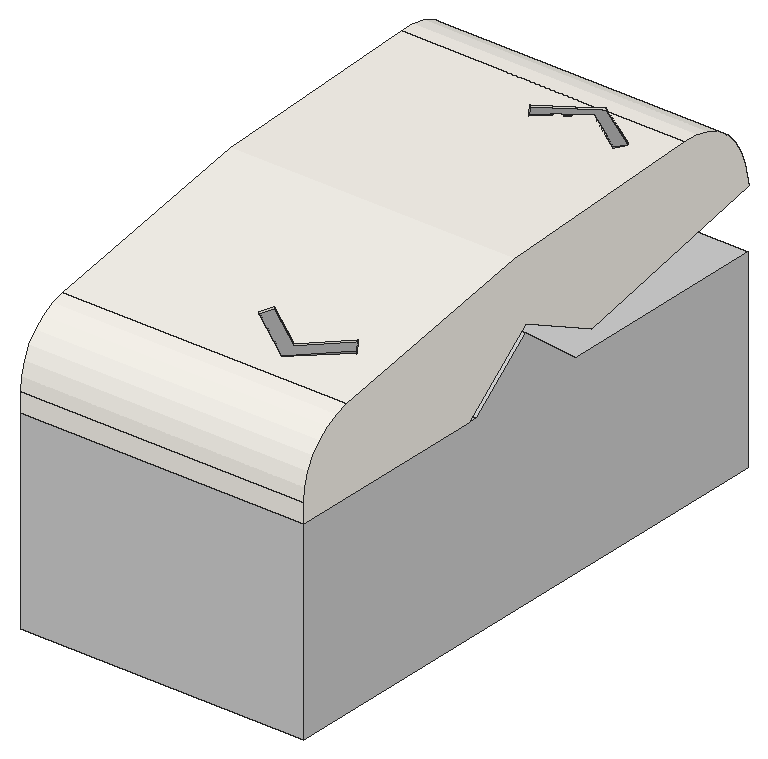
Revit family "Domotics-DomesticRanges-GEWISS-CHORUS_COMMAND-THREE-WAY_SWITCH_1M", category Apparecchi elettrici, host Superficie, Revit 2016
Family settings
  Host = Superficie
  Mantenere orientamento annotazione = Sì
  Tipo di parte = Normale
  Quota connettore circolare = Usa diametro
  Numero OmniClass = 23.80.50.11.14
  Titolo OmniClass = Switches
  Taglio con vuoti quando caricato = Sì
  Condiviso = Sì
  Punto di calcolo locali = No
Parameters (values of type "GW14122 - Titanium")
  Wiring terminals = "With screw"
  Voltage: = "250 V ac"
  Voltage = "250 V ac"
  Vista di pianta [instance] = yes
  Version file RFA = "19.0"
  URL = "https://www.gewiss.com/ww/en"
  Tipo_ = CHORUS COMMUTATORI 1M_BASE : GW14122 - Titanio
  Thermo-pressure with ball = "125 °C"
  Terminal tightening capacity rigid cables (mm2) = "min. 0,5 - max. 2x2,5"
  Terminal tightening capacity flexible cables (mm2) = "min. 0,75 - max. 2x4"
  Terminal grip on cable traction = "> 50 N"
  Technical sheet = "https://www.gewiss.com/ww/en/search?q=GW14122"
  Symbol = "UP - DOWN"
  Standard; = "EN 60669-1"
  Simbolo_ = SIMBOLO COMMUTATORI : COMM
  SIMBOLO [instance] = yes
  SEO = "3 way switch"
  Resistance at test voltage = "2000 V at 50 Hz for 1 minute"
  Realized by GEWISS S.p.A. = ""
  Prolonged operation (no.of position changes) = "40.000 at In 250 V ac cosØ=0,6"
  Produttore = "GEWISS S.p.A."
  Offset_bidimensionale [instance] = 2 mm  # constant formula
  Offset pulsante [instance] = 0 mm
  Number of poles = "2P"
  No. Chorus modules = "1"
  Modello = "GW14122"
  Larghezza pulsante = 23 mm
  Insulation resistance = "> 5 MOhm"
  IFC.TypeObject = ""
  IFC.ExportType = ""
  IFC.ExportAs = ""
  IDT = "3d8164bf-c18d-49cb-96c5-98ccc73e12be"
  IDF = "4b5ab15b-2fb9-49d2-be7d-6b1aac5df4cd"
  Glow Wire Test = "850°C"
  Electrocod = "0130"
  EAN code = "8011564811553"
  Distanza_x = 0 mm  # constant formula
  Distanza_effettiva_x = 1500 mm - Distanza_x  # 1500 mm
  Default Elevation = 1219.2 mm
  Immagine tipo = GW14122.jpg
  Descrizione = "3-WAY SWITCH 1M 2P 10AX SYM.UP-DOWN TI."
  Description: = "2P - 10AX"
  Colour = "Titanium"
  Category = "Three-way switch"
  Catalogue Range = "CHORUS - DOMESTIC RANGE"
  Catalogue = "DOMOTICS"
  COBie.Tagnumber = ""
  COBie.CreatedOn = ""
  COBie.CreatebBy = ""
  COBie.ComponentRegisterItemID = ""
  COBie.Component.TagNumber = ""
  COBie.Component.Space = ""
  COBie.Component.SerialNumber = ""
  COBie.Component.InstallationDate = ""
  COBie.Component.Description = ""
  COBie.Component.BarCode = ""
  Button key = "Neutral"
  Breaking capacity: = "1.25 In (200 position changes)"
Types (6, lengths in mm): name | Tipo_ | Technical sheet | Number of poles | Modello | IDT | EAN code | Immagine tipo | Descrizione | Description: | Colour
  GW12121 - Black | CHORUS COMMUTATORI 1M_BASE : GW12121 - Nero | "https://www.gewiss.com/ww/en/search?q=GW12121" | "1P" | "GW12121" | "1a952dfd-963a-479c-8ca3-5226fc848445" | "8011564267169" | GW12121.jpg | "3-WAY SWITCH, 1M 1P 10AX UP-DOWN BLACK" | "1P - 10AX" | "Black"
  GW10121 - White | CHORUS COMMUTATORI 1M_BASE : GW10121 - Bianco | "https://www.gewiss.com/ww/en/search?q=GW10121" | "1P" | "GW10121" | "48b064e4-4adf-47c5-9a5f-1d7795c44d52" | "8011564257603" | GW10121.jpg | "3-WAY SWITCH, 1M 1P 10AX UP-DOWN WHITE" | "1P - 10AX" | "White"
  GW10122 - White | CHORUS COMMUTATORI 1M_BASE : GW10122 - Bianco | "https://www.gewiss.com/ww/en/search?q=GW10122" | "2P" | "GW10122" | "2023ee90-b991-4c8d-bd6e-440d0cdb5a65" | "8011564811539" | GW10122.jpg | "3-WAY SWITCH 1M 2P 10AX SYM.UP-DOWN WH" | "2P - 10AX" | "White"
  GW14121 - Titanium | CHORUS COMMUTATORI 1M_BASE : GW14121 - Titanio | "https://www.gewiss.com/ww/en/search?q=GW14121" | "1P" | "GW14121" | "422df113-94b8-40af-b9ac-0681bab44b19" | "8011564265820" | GW14121.jpg | "3-WAY SWITCH 1M 1P 10AX UP-DOWN TITANIUM" | "1P - 10AX" | "Titanium"
  GW14122 - Titanium | CHORUS COMMUTATORI 1M_BASE : GW14122 - Titanio | "https://www.gewiss.com/ww/en/search?q=GW14122" | "2P" | "GW14122" | "3d8164bf-c18d-49cb-96c5-98ccc73e12be" | "8011564811553" | GW14122.jpg | "3-WAY SWITCH 1M 2P 10AX SYM.UP-DOWN TI." | "2P - 10AX" | "Titanium"
  GW12122 - Black | CHORUS COMMUTATORI 1M_BASE : GW12122 - Nero | "https://www.gewiss.com/ww/en/search?q=GW12122" | "2P" | "GW12122" | "d08d4164-ecb7-46fa-b275-08b0c598f5b0" | "8011564811546" | GW12122.jpg | "3-WAY SWITCH 1M 2P 10AX SYM.UP-DOWN BL." | "2P - 10AX" | "Black"
Reference planes
  plane 1 "Centro (Fronte/Retro)": y = 0
  plane 2: z = 0
  plane 3 "Centro (Sinistra/Destra)": x = 0
  plane 4: z = 0
  plane 5 "piano bidimensionale": z = 28
  plane 6: x = 0
  plane 7: x = -11.5
  plane 8: x = 11.5
  plane 9: z = 26
  plane 10: x = -1500
Lines and regions (mm)
  Masking region 1, visible <- "Vista di pianta"
    outline origin (0, 0, 0) x (1, 0, 0) y (0, 0, 1)
      loop
        line (-11.5, 26) -> (-11.5, 0) -> (11.5, 0) -> (11.5, 26) -> (-11.5, 26)
  Masking region 2, detail levels coarse
    outline origin (0, 0, 0) x (0, 1, 0) y (0, 0, 1)
      loop
        line (-22.5, 0) -> (22.5, 0) -> (22.5, 26) -> (-22.5, 26) -> (-22.5, 0)
  model lines, style "pulsanti", detail levels coarse
    curve 1: line (-11.5, 22.5, 28) -> (11.5, 22.5, 28)
    curve 2: line (-11.5, -22.5, 28) -> (-11.5, 22.5, 28)
    curve 3: line (11.5, -22.5, 28) -> (-11.5, -22.5, 28)
    curve 4: line (11.5, 22.5, 28) -> (11.5, -22.5, 28)
    curve 5: line (4.779, 16.431, 28) -> (0.828, 13.765, 28)
    curve 6: line (8.731, 13.765, 28) -> (4.779, 16.431, 28)
    curve 7: line (4.779, 15.225, 28) -> (1.387, 12.936, 28)
    curve 8: line (8.171, 12.936, 28) -> (4.779, 15.225, 28)
    curve 9: line (0.828, 13.765, 28) -> (1.387, 12.936, 28)
    curve 10: line (8.171, 12.936, 28) -> (8.731, 13.765, 28)
    curve 11: line (4.779, -16.431, 28) -> (0.828, -13.765, 28)
    curve 12: line (8.731, -13.765, 28) -> (4.779, -16.431, 28)
    curve 13: line (4.779, -15.225, 28) -> (1.387, -12.936, 28)
    curve 14: line (8.171, -12.936, 28) -> (4.779, -15.225, 28)
    curve 15: line (0.828, -13.765, 28) -> (1.387, -12.936, 28)
    curve 16: line (8.171, -12.936, 28) -> (8.731, -13.765, 28)
  model lines, style "pulsanti", not visible, detail levels coarse
    curve 17: line (-11.5, 22.5, 58) -> (11.5, 22.5, 58)
    curve 18: line (-11.5, -22.5, 58) -> (-11.5, 22.5, 58)
    curve 19: line (11.5, -22.5, 58) -> (-11.5, -22.5, 58)
    curve 20: line (11.5, 22.5, 58) -> (11.5, -22.5, 58)
    curve 21: line (4.779, 16.431, 58) -> (0.828, 13.765, 58)
    curve 22: line (8.731, 13.765, 58) -> (4.779, 16.431, 58)
    curve 23: line (4.779, 15.225, 58) -> (1.387, 12.936, 58)
    curve 24: line (8.171, 12.936, 58) -> (4.779, 15.225, 58)
    curve 25: line (0.828, 13.765, 58) -> (1.387, 12.936, 58)
    curve 26: line (8.171, 12.936, 58) -> (8.731, 13.765, 58)
    curve 27: line (4.779, -16.431, 58) -> (0.828, -13.765, 58)
    curve 28: line (8.731, -13.765, 58) -> (4.779, -16.431, 58)
    curve 29: line (4.779, -15.225, 58) -> (1.387, -12.936, 58)
    curve 30: line (8.171, -12.936, 58) -> (4.779, -15.225, 58)
    curve 31: line (0.828, -13.765, 58) -> (1.387, -12.936, 58)
    curve 32: line (8.171, -12.936, 58) -> (8.731, -13.765, 58)
Dimensions and locks
  "Offset pulsante": plane 4 to host face
  equal spacing: plane 7, plane 3 "Centro (Sinistra/Destra)", plane 8
  "Larghezza pulsante": plane 7 to plane 8
  locked: plane 9 to plane 4 at 26
  "Offset_bidimensionale": plane 5 "piano bidimensionale" to plane 9
  "Distanza_effettiva_x": plane 10 to plane 6
  plane 10 to plane 3 "Centro (Sinistra/Destra)" = 1500 mm
  aligned and locked: plane 2 to host face
  aligned and locked: level to host face
  aligned and locked: nested 1 to plane 4  (x2)
  aligned and locked: curve 2 to plane 5 "piano bidimensionale"
  aligned and locked: plane 6 to nested 2
  aligned and locked: Masking region 1 sketch curve to plane 9
  aligned and locked: plane 7 to Masking region 1 sketch curve
  aligned and locked: plane 4 to Masking region 1 sketch curve
  aligned and locked: Masking region 1 sketch curve to nested 1
  aligned and locked: Masking region 2 sketch curve to nested 1
  aligned and locked: Masking region 2 sketch curve to plane 9
  aligned and locked: Masking region 2 sketch curve to plane 4
Automatic sketch dimensions
  host sketch curve to host sketch curve = 2438.4 mm  (x2)
  plane 1 "Centro (Fronte/Retro)" to Masking region 2 sketch curve = 22.5 mm
Nested families
  nested 1: "CHORUS COMMUTATORI 1M_BASE" at (0, 0, 0), type <- "Tipo_", type "GW14122 - Titanio"
  nested 2: "SIMBOLO COMMUTATORI" at (0, 317.384, 0), type <- "Simbolo_", SIMBOLO <- "SIMBOLO", type "COMM"
    with SIMBOLO yes, Distanza dal muro 0.5 mm, BORDO ACCESO yes
Connectors
  electrical at (0, 0, 0)
    settings: on nested 1, index 1, voltage 0 V, apparent load 0 VA, apparent load phase1 0 VA, apparent load phase2 0 VA, apparent load phase3 0 VA, power factor 1, load classification "Other", number of poles 1, system type 31, power factor state 1, is connector primary yes, connector utility no, sub classification motor no, connector description ""
Definition of nested family "CHORUS COMMUTATORI 1M_BASE"
  Parameters (values of type "GW10121 - Bianco")
    Simboli su e giù = none
    Supporto = none
    Pulsante = none
    Profondità suporto = 15.673 mm
    Larghezza pulsante = 23 mm
    Bidimensionale = 36.414 mm
    Altezza pulsante = 45 mm
  Types (6): name
    GW12121 - Nero
    GW12122 - Nero
    GW14121 - Titanio
    GW14122 - Titanio
    GW10121 - Bianco
    GW10122 - Bianco
  Reference planes
    plane 1 "Centro (Fronte/Retro)": y = 0
    plane 2: z = 0
    plane 3 "Centro (Sinistra/Destra)": x = 0
    plane 4: y = -22.5
    plane 5: y = 22.5
    plane 6: x = -11.5
    plane 7: x = 11.5
    plane 8: z = 15.673
    plane 9 "PIANO BIDIMENSIONALE": z = 36.414
  Forms (mm)
    Extrusion 1, solid, material <- "Supporto", detail levels medium+fine
      sketch origin (0, 0, 0) x (0, 1, 0) y (0, 0, 1)
        loop
          line (-22.5, 0) -> (22.5, 0) -> (22.5, 15.673) -> (5, 15.673) -> (0, 19.673) -> (-5, 15.673) -> (-22.5, 15.673) -> (-22.5, 0)
      from -11.5 to 11.5
    Extrusion 2, solid, material <- "Pulsante", detail levels medium+fine
      sketch origin (0, 0, 0) x (0, 1, 0) y (0, 0, 1)
        loop
          line (-22.5, 15.673) -> (-5.8, 15.673) -> (0, 20.313) -> (6.657, 17.02) -> (22.519, 20.482) -> (22.148, 22.183)
          arc (22.148, 22.183) -> (19.948, 25.458) -> (16.125, 26.433) r 5.53
          arc (16.125, 26.433) -> (-1.159, 25.53) -> (-18.194, 22.47) r 137.99
          arc (-18.194, 22.47) -> (-21.286, 20.607) -> (-22.5, 17.207) r 5.368
          line (-22.5, 17.207) -> (-22.5, 15.673)
      from -11.5 to 11.5
    Extrusion 3, solid, material <- "Pulsante", not visible, detail levels medium+fine
      sketch origin (0, 0, 0) x (0, 1, 0) y (0, 0, 1)
        loop
          line (-22.5, 15.673) -> (-5.8, 15.673) -> (0, 20.313) -> (6.657, 17.02) -> (22.519, 20.482) -> (22.148, 22.183)
          arc (22.148, 22.183) -> (19.948, 25.458) -> (16.125, 26.433) r 5.53
          arc (16.125, 26.433) -> (-1.159, 25.53) -> (-18.194, 22.47) r 137.99
          arc (-18.194, 22.47) -> (-21.286, 20.607) -> (-22.5, 17.207) r 5.368
          line (-22.5, 17.207) -> (-22.5, 15.673)
      from -11.5 to 11.5
    Extrusion 4, void, not visible, detail levels medium+fine
      sketch origin (0, 0, 0) x (0, 1, 0) y (0, 0, 1)
        loop
          arc (-20, 19.947) -> (-16.844, 20.738) -> (-13.67, 21.455) r 135.99
          line (-13.67, 21.455) -> (-13.67, 23.499)
          arc (-13.67, 23.499) -> (-15.936, 23.003) -> (-18.194, 22.47) r 137.99
          arc (-18.194, 22.47) -> (-19.13, 22.19) -> (-20, 21.745) r 5.368
          line (-20, 21.745) -> (-20, 19.947)
      from 3.779 to 10.113
    Extrusion 5, solid, material <- "Pulsante", not visible, detail levels medium+fine
      sketch origin (0, -125, 0) x (0, 1, 0) y (0, 0, 1)
        loop
          line (-22.5, 15.673) -> (-5.8, 15.673) -> (0, 20.313) -> (6.657, 17.02) -> (22.519, 20.482) -> (22.148, 22.183)
          arc (22.148, 22.183) -> (19.948, 25.458) -> (16.125, 26.433) r 5.53
          arc (16.125, 26.433) -> (-1.159, 25.53) -> (-18.194, 22.47) r 137.99
          arc (-18.194, 22.47) -> (-21.286, 20.607) -> (-22.5, 17.207) r 5.368
          line (-22.5, 17.207) -> (-22.5, 15.673)
      from -11.5 to 11.5
    Extrusion 6, void, not visible
      sketch origin (0, -125, 0) x (0, 1, 0) y (0, 0, 1)
        loop
          arc (-6.8, 24.76) -> (-12.521, 23.735) -> (-18.194, 22.47) r 137.99
          arc (-18.194, 22.47) -> (-19.13, 22.19) -> (-20, 21.745) r 5.368
          line (-20, 21.745) -> (-20, 19.947)
          arc (-20, 19.947) -> (-13.435, 21.505) -> (-6.8, 22.735) r 135.99
          line (-6.8, 22.735) -> (-6.8, 24.76)
      from 5.4 to 8.1
    Extrusion 7, solid, material <- "Simboli su e giù", not visible, detail levels medium+fine
      sketch origin (0, -125, 0) x (0, 1, 0) y (0, 0, 1)
        loop
          arc (-20, 19.947) -> (-13.435, 21.505) -> (-6.8, 22.735) r 135.99
          line (-6.8, 22.735) -> (-6.8, 23.748)
          arc (-6.8, 23.748) -> (-13.434, 22.527) -> (-20, 20.98) r 136.99
          line (-20, 20.98) -> (-20, 19.947)
      from 5.4 to 8.1
    Extrusion 8, void
      sketch origin (0, -3.067, 38.928) x (-1, 0, 0) y (0, -0.976424, -0.21586)
        loop
          line (-8.731, 13.765) -> (-8.171, 12.936) -> (-4.779, 15.225) -> (-1.387, 12.936) -> (-0.828, 13.765) -> (-4.779, 16.431) -> (-8.731, 13.765)
      from -14 to -12
    Extrusion 9, void
      sketch origin (0, 0, 36.414) x (-1, 0, 0) y (0, -1, 0)
        loop
          line (-4.779, -16.431) -> (-0.828, -13.765) -> (-1.387, -12.936) -> (-4.779, -15.225) -> (-8.171, -12.936) -> (-8.731, -13.765) -> (-4.779, -16.431)
      from -11 to -9
    Extrusion 10, solid, material <- "Pulsante", not visible, detail levels medium+fine
      sketch origin (0, 0, 0) x (0, 1, 0) y (0, 0, 1)
        loop
          line (-22.5, 15.673) -> (-5.8, 15.673) -> (0, 20.313) -> (6.657, 17.02) -> (22.519, 20.482) -> (22.148, 22.183)
          arc (22.148, 22.183) -> (19.948, 25.458) -> (16.125, 26.433) r 5.53
          arc (16.125, 26.433) -> (-1.159, 25.53) -> (-18.194, 22.47) r 137.99
          arc (-18.194, 22.47) -> (-21.286, 20.607) -> (-22.5, 17.207) r 5.368
          line (-22.5, 17.207) -> (-22.5, 15.673)
      from -11.5 to 11.5
    Extrusion 11, void, not visible
      sketch origin (0, -3.067, 38.928) x (-1, 0, 0) y (0, -0.976424, -0.21586)
        loop
          line (-8.731, 13.765) -> (-8.01, 13.045) -> (-4.779, 15.225) -> (-1.548, 13.045) -> (-0.828, 13.765) -> (-4.779, 16.431) -> (-8.731, 13.765)
      from -14 to -12
    Extrusion 12, void, not visible
      sketch origin (0, 0, 36.414) x (-1, 0, 0) y (0, -1, 0)
        loop
          line (-4.779, -16.431) -> (-0.828, -13.765) -> (-1.387, -12.936) -> (-4.779, -15.225) -> (-8.171, -12.936) -> (-8.731, -13.765) -> (-4.779, -16.431)
      from -11 to -9
    Extrusion 13, solid, material <- "Simboli su e giù", detail levels medium+fine
      sketch origin (0, 0, 36.414) x (-1, 0, 0) y (0, -1, 0)
        loop
          line (-4.779, -16.431) -> (-0.828, -13.765) -> (-1.387, -12.936) -> (-4.779, -15.225) -> (-8.171, -12.936) -> (-8.731, -13.765) -> (-4.779, -16.431)
      from -11 to -10.1
    Extrusion 14, solid, material <- "Simboli su e giù", detail levels medium+fine
      sketch origin (0, -3.098, 39.068) x (-1, 0, 0) y (0, -0.976424, -0.21586)
        loop
          line (-4.779, 16.431) -> (-8.731, 13.765) -> (-8.171, 12.936) -> (-4.779, 15.225) -> (-1.387, 12.936) -> (-0.828, 13.765) -> (-4.779, 16.431)
      from -14.143 to -13.023
  Cuts and joins
    Extrusion 8, Extrusion 9 cuts Extrusion 2
  Lines and regions (mm)
    Masking region 1
      outline origin (0, 0, 36.414) x (-1, 0, 0) y (0, -1, 0)
        loop
          line (11.5, -22.5) -> (11.5, 22.5) -> (-11.5, 22.5) -> (-11.5, -22.5) -> (11.5, -22.5)
        loop
          line (-4.779, -16.431) -> (-0.828, -13.765) -> (-1.387, -12.936) -> (-4.779, -15.225) -> (-8.171, -12.936) -> (-8.731, -13.765) -> (-4.779, -16.431)
        loop
          line (-4.779, 16.431) -> (-8.731, 13.765) -> (-8.171, 12.936) -> (-4.779, 15.225) -> (-1.387, 12.936) -> (-0.828, 13.765) -> (-4.779, 16.431)
    Masking region 2, not visible
      outline origin (40.306, 0, 36.414) x (-1, 0, 0) y (0, -1, 0)
        loop
          line (51.806, -22.5) -> (51.806, 22.5) -> (28.806, 22.5) -> (28.806, -22.5) -> (51.806, -22.5)
        loop
          line (34.906, 6.8) -> (34.906, 20) -> (32.206, 20) -> (32.206, 6.8) -> (34.906, 6.8)
    Masking region 3, not visible
      outline origin (40.306, 0, 36.414) x (-1, 0, 0) y (0, -1, 0)
        loop
          line (34.906, 6.8) -> (34.906, 20) -> (32.206, 20) -> (32.206, 6.8) -> (34.906, 6.8)
    Masking region 4, not visible
      outline origin (0, 0, 36.414) x (-1, 0, 0) y (0, -1, 0)
        loop
          line (51.806, -22.5) -> (51.806, 22.5) -> (28.806, 22.5) -> (28.806, -22.5) -> (51.806, -22.5)
        loop
          line (36.528, 13.67) -> (36.528, 20.004) -> (30.193, 20.004) -> (30.193, 13.67) -> (36.528, 13.67)
    Masking region 5, not visible
      outline origin (0, 0, 36.414) x (-1, 0, 0) y (0, -1, 0)
        loop
          line (36.528, 13.67) -> (36.528, 20.004) -> (30.193, 20.004) -> (30.193, 13.67) -> (36.528, 13.67)
    Masking region 6
      outline origin (0, 0, 36.414) x (-1, 0, 0) y (0, -1, 0)
        loop
          line (-4.779, -16.431) -> (-0.828, -13.765) -> (-1.387, -12.936) -> (-4.779, -15.225) -> (-8.171, -12.936) -> (-8.731, -13.765) -> (-4.779, -16.431)
        loop
          line (-4.779, 16.431) -> (-8.731, 13.765) -> (-8.171, 12.936) -> (-4.779, 15.225) -> (-1.387, 12.936) -> (-0.828, 13.765) -> (-4.779, 16.431)
  Dimensions and locks
    equal spacing: plane 4, plane 1 "Centro (Fronte/Retro)", plane 5
    plane 4 to plane 5 = 45 mm
    equal spacing: plane 6, plane 3 "Centro (Sinistra/Destra)", plane 7
    "Larghezza pulsante": plane 6 to plane 7
    equal spacing: plane 5, plane 1 "Centro (Fronte/Retro)", plane 4
    "Altezza pulsante": plane 5 to plane 4
    "Profondità suporto": plane 8 to plane 2
    "Bidimensionale": plane 9 "PIANO BIDIMENSIONALE" to level
    aligned and locked: level to plane 2
    aligned and locked: Extrusion 1 sketch curve to plane 4
    aligned and locked: plane 5 to Extrusion 1 sketch curve
    aligned and locked: Extrusion 1 sketch curve to plane 2
    aligned and locked: Extrusion 1 to plane 6
    aligned and locked: plane 7 to Extrusion 1
    aligned and locked: Masking region 1 sketch curve to Extrusion 1  (x3)
    aligned and locked: Extrusion 13 to cut or joined group of Extrusion 2, Extrusion 8, Extrusion 9
  Automatic sketch dimensions
    Masking region 2 sketch curve to Masking region 2 sketch curve = 3.4 mm
    Masking region 2 sketch curve to Masking region 2 sketch curve = 2.7 mm
    Masking region 3 sketch curve to Masking region 3 sketch curve = 2.7 mm
    Masking region 2 sketch curve to Masking region 2 sketch curve = 23 mm
    Masking region 2 sketch curve to Masking region 2 sketch curve = 29.3 mm
    Masking region 2 sketch curve to Masking region 2 sketch curve = 13.2 mm
    Masking region 2 sketch curve to Masking region 2 sketch curve = 2.5 mm
    Masking region 3 sketch curve to Masking region 3 sketch curve = 13.2 mm
    Masking region 4 sketch curve to Masking region 4 sketch curve = 1.387 mm
    Masking region 4 sketch curve to Masking region 4 sketch curve = 6.335 mm  (x2)
    Masking region 4 sketch curve to Masking region 4 sketch curve = 23 mm
    Masking region 5 sketch curve to Masking region 5 sketch curve = 6.335 mm  (x2)
    Masking region 4 sketch curve to Masking region 4 sketch curve = 36.17 mm
    Masking region 4 sketch curve to Masking region 4 sketch curve = 2.496 mm
    Extrusion 3 sketch curve to Extrusion 3 sketch curve = 1.243 mm
    Extrusion 4 sketch curve to Extrusion 4 sketch curve = 1.754 mm
    Extrusion 4 sketch curve to Extrusion 4 sketch curve = 0 mm  (x4)
    Extrusion 3 sketch curve to Extrusion 3 sketch curve = 5.368 mm
    Extrusion 3 sketch curve to Extrusion 3 sketch curve = 11.331 mm
    Extrusion 3 sketch curve to Extrusion 3 sketch curve = 5.8 mm
    Extrusion 3 sketch curve to Extrusion 3 sketch curve = 6.657 mm
    Extrusion 3 sketch curve to Extrusion 3 sketch curve = 8.016 mm
    Extrusion 3 sketch curve to Extrusion 3 sketch curve = 10.103 mm
    Extrusion 3 sketch curve to Extrusion 3 sketch curve = 5.388 mm
    Extrusion 3 sketch curve to Extrusion 3 sketch curve = 0.371 mm
    Extrusion 3 sketch curve to Extrusion 3 sketch curve = 127.222 mm
    Extrusion 3 sketch curve to Extrusion 3 sketch curve = 1.347 mm
    Extrusion 3 sketch curve to Extrusion 3 sketch curve = 1.535 mm
    Extrusion 3 sketch curve to Extrusion 3 sketch curve = 3.293 mm
    Extrusion 3 sketch curve to Extrusion 3 sketch curve = 3.462 mm
    Extrusion 3 sketch curve to Extrusion 3 sketch curve = 1.062 mm
    Extrusion 4 sketch curve to Extrusion 4 sketch curve = 2.868 mm
    Extrusion 4 sketch curve to Extrusion 4 sketch curve = 6.33 mm
    Extrusion 4 sketch curve to Extrusion 4 sketch curve = 31.805 mm
    Extrusion 4 sketch curve to Extrusion 4 sketch curve = 128.756 mm
    Extrusion 4 sketch curve to Extrusion 4 sketch curve = 2.739 mm
    Extrusion 4 sketch curve to Extrusion 4 sketch curve = 1.799 mm
    Extrusion 5 sketch curve to Extrusion 5 sketch curve = 1.243 mm
    Extrusion 7 sketch curve to Extrusion 7 sketch curve = 1.013 mm
    Extrusion 7 sketch curve to Extrusion 7 sketch curve = 0 mm  (x4)
    Extrusion 5 sketch curve to Extrusion 5 sketch curve = 5.368 mm
    Extrusion 5 sketch curve to Extrusion 5 sketch curve = 11.331 mm
    Extrusion 5 sketch curve to Extrusion 5 sketch curve = 5.8 mm
    Extrusion 5 sketch curve to Extrusion 5 sketch curve = 6.657 mm
    Extrusion 5 sketch curve to Extrusion 5 sketch curve = 8.016 mm
    Extrusion 5 sketch curve to Extrusion 5 sketch curve = 10.103 mm
    Extrusion 5 sketch curve to Extrusion 5 sketch curve = 5.388 mm
    Extrusion 5 sketch curve to Extrusion 5 sketch curve = 0.371 mm
    Extrusion 5 sketch curve to Extrusion 5 sketch curve = 127.222 mm
    Extrusion 5 sketch curve to Extrusion 5 sketch curve = 1.347 mm
    Extrusion 5 sketch curve to Extrusion 5 sketch curve = 1.535 mm
    Extrusion 5 sketch curve to Extrusion 5 sketch curve = 3.293 mm
    Extrusion 5 sketch curve to Extrusion 5 sketch curve = 3.462 mm
    Extrusion 5 sketch curve to Extrusion 5 sketch curve = 1.062 mm
    Extrusion 7 sketch curve to Extrusion 7 sketch curve = 13.2 mm
    Extrusion 7 sketch curve to Extrusion 7 sketch curve = 34.673 mm
    Extrusion 7 sketch curve to Extrusion 7 sketch curve = 131.496 mm
    Extrusion 6 sketch curve to Extrusion 6 sketch curve = 0 mm  (x4)
    Extrusion 6 sketch curve to Extrusion 6 sketch curve = 2.739 mm
    Extrusion 6 sketch curve to Extrusion 6 sketch curve = 1.799 mm
    Extrusion 6 sketch curve to Extrusion 6 sketch curve = 2.025 mm
    Extrusion 6 sketch curve to Extrusion 6 sketch curve = 2.868 mm
    Extrusion 6 sketch curve to Extrusion 6 sketch curve = 10.332 mm
    Extrusion 6 sketch curve to Extrusion 6 sketch curve = 31.805 mm
    Extrusion 6 sketch curve to Extrusion 6 sketch curve = 128.756 mm
    Extrusion 2 sketch curve to Extrusion 2 sketch curve = 1.243 mm
    Extrusion 8 sketch curve to Extrusion 8 sketch curve = 0.559 mm  (x2)
    Extrusion 8 sketch curve to Extrusion 8 sketch curve = 3.392 mm  (x2)
    Extrusion 8 sketch curve to Extrusion 8 sketch curve = 0 mm  (x2)
    Extrusion 8 sketch curve to Extrusion 8 sketch curve = 0.829 mm  (x2)
    Extrusion 8 sketch curve to Extrusion 8 sketch curve = 2.289 mm
    Extrusion 8 sketch curve to Extrusion 8 sketch curve = 1.206 mm
    Extrusion 9 sketch curve to Extrusion 9 sketch curve = 0 mm
    Extrusion 9 sketch curve to Extrusion 9 sketch curve = 0.559 mm  (x2)
    Extrusion 9 sketch curve to Extrusion 9 sketch curve = 1.46 mm
    Extrusion 9 sketch curve to Extrusion 9 sketch curve = 0.829 mm
    Extrusion 2 sketch curve to Extrusion 2 sketch curve = 5.368 mm
    Extrusion 2 sketch curve to Extrusion 2 sketch curve = 11.331 mm
    Extrusion 2 sketch curve to Extrusion 2 sketch curve = 5.8 mm
    Extrusion 2 sketch curve to Extrusion 2 sketch curve = 6.657 mm
    Extrusion 2 sketch curve to Extrusion 2 sketch curve = 8.016 mm
    Extrusion 2 sketch curve to Extrusion 2 sketch curve = 10.103 mm
    Extrusion 2 sketch curve to Extrusion 2 sketch curve = 5.388 mm
    Extrusion 2 sketch curve to Extrusion 2 sketch curve = 0.371 mm
    Extrusion 2 sketch curve to Extrusion 2 sketch curve = 127.222 mm
    Extrusion 2 sketch curve to Extrusion 2 sketch curve = 1.347 mm
    Extrusion 2 sketch curve to Extrusion 2 sketch curve = 1.535 mm
    Extrusion 2 sketch curve to Extrusion 2 sketch curve = 3.293 mm
    Extrusion 2 sketch curve to Extrusion 2 sketch curve = 3.462 mm
    Extrusion 2 sketch curve to Extrusion 2 sketch curve = 1.062 mm
    Extrusion 9 sketch curve to Extrusion 9 sketch curve = 3.392 mm
    Extrusion 10 sketch curve to Extrusion 10 sketch curve = 1.243 mm
    Extrusion 11 sketch curve to Extrusion 11 sketch curve = 0.72 mm  (x4)
    Extrusion 11 sketch curve to Extrusion 11 sketch curve = 3.231 mm  (x2)
    Extrusion 11 sketch curve to Extrusion 11 sketch curve = 0 mm  (x2)
    Extrusion 11 sketch curve to Extrusion 11 sketch curve = 2.18 mm
    Extrusion 11 sketch curve to Extrusion 11 sketch curve = 1.206 mm
    Extrusion 12 sketch curve to Extrusion 12 sketch curve = 0 mm
    Extrusion 12 sketch curve to Extrusion 12 sketch curve = 0.559 mm  (x2)
    Extrusion 12 sketch curve to Extrusion 12 sketch curve = 1.46 mm
    Extrusion 12 sketch curve to Extrusion 12 sketch curve = 0.829 mm
    Extrusion 10 sketch curve to Extrusion 10 sketch curve = 5.368 mm
    Extrusion 10 sketch curve to Extrusion 10 sketch curve = 11.331 mm
    Extrusion 10 sketch curve to Extrusion 10 sketch curve = 5.8 mm
    Extrusion 10 sketch curve to Extrusion 10 sketch curve = 6.657 mm
    Extrusion 10 sketch curve to Extrusion 10 sketch curve = 8.016 mm
    Extrusion 10 sketch curve to Extrusion 10 sketch curve = 10.103 mm
    Extrusion 10 sketch curve to Extrusion 10 sketch curve = 5.388 mm
    Extrusion 10 sketch curve to Extrusion 10 sketch curve = 0.371 mm
    Extrusion 10 sketch curve to Extrusion 10 sketch curve = 127.222 mm
    Extrusion 10 sketch curve to Extrusion 10 sketch curve = 1.347 mm
    Extrusion 10 sketch curve to Extrusion 10 sketch curve = 1.535 mm
    Extrusion 10 sketch curve to Extrusion 10 sketch curve = 3.293 mm
    Extrusion 10 sketch curve to Extrusion 10 sketch curve = 3.462 mm
    Extrusion 10 sketch curve to Extrusion 10 sketch curve = 1.062 mm
    Extrusion 12 sketch curve to Extrusion 12 sketch curve = 3.392 mm
    plane 8 to Extrusion 1 sketch curve = 0 mm  (x2)
    Extrusion 1 sketch curve to plane 1 "Centro (Fronte/Retro)" = 0 mm
    plane 1 "Centro (Fronte/Retro)" to Extrusion 1 sketch curve = 5 mm
    Extrusion 1 sketch curve to plane 1 "Centro (Fronte/Retro)" = 5 mm
    Extrusion 1 sketch curve to plane 8 = 4 mm
    Extrusion 13 sketch curve to plane 7 = 2.769 mm
    Extrusion 13 sketch curve to Extrusion 13 sketch curve = 0.559 mm
    Extrusion 13 sketch curve to Extrusion 13 sketch curve = 3.951 mm
    Extrusion 13 sketch curve to Extrusion 13 sketch curve = 0 mm
    plane 3 "Centro (Sinistra/Destra)" to Extrusion 13 sketch curve = 1.387 mm
    plane 3 "Centro (Sinistra/Destra)" to Extrusion 13 sketch curve = 0.828 mm
    Extrusion 13 sketch curve to plane 5 = 6.069 mm
    Extrusion 13 sketch curve to Extrusion 13 sketch curve = 1.206 mm
    Extrusion 14 sketch curve to plane 7 = 2.769 mm
    Extrusion 14 sketch curve to Extrusion 14 sketch curve = 0.559 mm
    Extrusion 14 sketch curve to Extrusion 14 sketch curve = 3.951 mm
    Extrusion 14 sketch curve to Extrusion 14 sketch curve = 0 mm
    plane 3 "Centro (Sinistra/Destra)" to Extrusion 14 sketch curve = 1.387 mm
    plane 3 "Centro (Sinistra/Destra)" to Extrusion 14 sketch curve = 0.828 mm
    Extrusion 14 sketch curve to Extrusion 14 sketch curve = 0.829 mm
    Extrusion 2 sketch curve to plane 4 = 0 mm
    plane 8 to Extrusion 2 sketch curve = 0 mm
    Extrusion 8 sketch curve to plane 7 = 2.769 mm
    Extrusion 9 sketch curve to plane 7 = 2.769 mm
    Extrusion 9 sketch curve to plane 5 = 6.069 mm
    Masking region 1 sketch curve to plane 7 = 0 mm
    Masking region 1 sketch curve to plane 7 = 2.769 mm  (x2)
    Masking region 1 sketch curve to Masking region 1 sketch curve = 0.559 mm  (x2)
    Masking region 1 sketch curve to Masking region 1 sketch curve = 3.392 mm  (x2)
    Masking region 1 sketch curve to Masking region 1 sketch curve = 0 mm  (x2)
    plane 3 "Centro (Sinistra/Destra)" to Masking region 1 sketch curve = 1.387 mm  (x2)
    plane 3 "Centro (Sinistra/Destra)" to Masking region 1 sketch curve = 0.828 mm  (x2)
    Masking region 1 sketch curve to plane 5 = 6.069 mm
    Masking region 1 sketch curve to Masking region 1 sketch curve = 1.206 mm
    Masking region 1 sketch curve to Masking region 1 sketch curve = 9.564 mm
    Masking region 1 sketch curve to Masking region 1 sketch curve = 0.829 mm
    Masking region 6 sketch curve to plane 7 = 2.769 mm  (x2)
    Masking region 6 sketch curve to Masking region 6 sketch curve = 0.559 mm  (x2)
    Masking region 6 sketch curve to Masking region 6 sketch curve = 3.951 mm  (x2)
    Masking region 6 sketch curve to Masking region 6 sketch curve = 0 mm  (x2)
    plane 3 "Centro (Sinistra/Destra)" to Masking region 6 sketch curve = 1.387 mm  (x2)
    plane 3 "Centro (Sinistra/Destra)" to Masking region 6 sketch curve = 0.828 mm  (x2)
    Masking region 6 sketch curve to plane 5 = 6.069 mm
    Masking region 6 sketch curve to Masking region 6 sketch curve = 1.206 mm
    plane 1 "Centro (Fronte/Retro)" to Masking region 6 sketch curve = 12.936 mm
    Masking region 6 sketch curve to Masking region 6 sketch curve = 0.829 mm
Definition of nested family "SIMBOLO COMMUTATORI"
  Parameters (values of type "COMM")
    SIMBOLO [instance] = yes
    Distanza dal muro [instance] = 4.208 mm
    BORDO ACCESO [instance] = yes
  Reference planes
    plane 1: y = 0
    plane 2: x = 0
  Dimensions and locks
    "Distanza dal muro": plane 1 to nested 1
    aligned and locked: plane 2 to nested 1
  Nested families
    nested 1: "SIMBOLO COMMUTATORI_BASE" at (0, 4.208, 0), BORDO ACCESO <- "BORDO ACCESO", visible <- "SIMBOLO", type "COMM"
      with BORDO ACCESO yes
  Definition of nested family "SIMBOLO COMMUTATORI_BASE"
    Parameters (values of type "COMM")
      Distanza dal muro = 4.208 mm
      BORDO ACCESO [instance] = yes
    Reference planes
      plane 1: y = 0
      plane 2: x = 0
    Lines and regions (mm)
      detail lines
        curve 1: circle (0, 1.164, 0) r 0.371 normal (0, 0, 1)
        curve 2: line (0.213, 1.468, 0) -> (0.541, 1.937, 0)
        curve 3: line (0.541, 1.937, 0) -> (0.801, 1.752, 0)
        curve 12: line (-0.213, 1.468, 0) -> (-0.541, 1.937, 0)
        curve 13: line (-0.541, 1.937, 0) -> (-0.801, 1.752, 0)
      detail lines, visible <- "BORDO ACCESO", not visible
        curve 4: line (-1.743, 9.208, 0) -> (2.057, 9.208, 0)
        curve 5: line (2.057, 9.208, 0) -> (2.057, 4.208, 0)
        curve 6: line (2.057, 4.208, 0) -> (-1.743, 4.208, 0)
        curve 7: line (-1.743, 4.208, 0) -> (-1.743, 9.208, 0)
        curve 8: line (-1.543, 9.008, 0) -> (1.857, 9.008, 0)
        curve 9: line (1.857, 9.008, 0) -> (1.857, 4.408, 0)
        curve 10: line (1.857, 4.408, 0) -> (-1.543, 4.408, 0)
        curve 11: line (-1.543, 4.408, 0) -> (-1.543, 9.008, 0)
